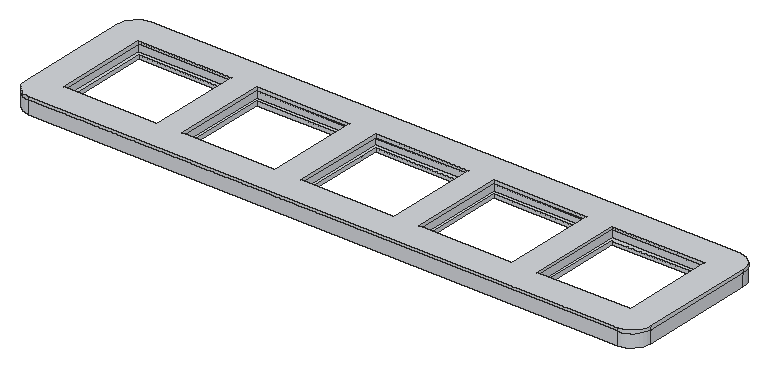
Revit family "Gira_0215410", category Electrical Fixtures, host Face, Revit 2017
Family settings
  Host = Face
  Maintain Annotation Orientation = No
  Round Connector Dimension = Use Diameter
  Part Type = Normal
  Cut with Voids When Loaded = No
  Shared = No
  Room Calculation Point = No
Parameters (values of type "Cov.fr. 5-g Gira E3 p.white/p.white")
  URL = "http://katalog.gira.de/en/datenblatt.html?artikelnr=0215410"
  Transparent = "No"
  Name = "Cov.fr. 5-g Gira E3 p.white/p.white"
  Manufacturer URL = "https://www.gira.de/"
  Manufacturer = "Gira"
  Keynote = ""
  HeinzeBIM = "https://bimportal.heinze.de/bim/cov-fr-5-g-gira-e3-p-white-p-white/ba9768ccd8b8c9f0487dce2a5d95a02c251aad0b"
  HAN = "0215410"
  GTIN = "4010337023753"
  Description = "Cov.fr.5g E3 PwPw,Gira E3 cover frame,pure white glossy with pure white glossy intermediate frame,5-gang,Features:,- Shatter-proof."
  Default Elevation = 1219.2 mm
  Data sheet (1) = "https://katalog.gira.de/en/download.html?artikelnr=0215410"
  Category = "Cover frame for domestic switching devices"
  BIM (1) = "https://media.stage.bim.site/public/gira/36a6b08/E3_Rahmen_5fach.rfa"
  Available = "No"
Reference planes
  plane 1 "Center (Front/Back)": y = 0
  plane 2: z = 0
  plane 3 "Center (Left/Right)": x = 0
Forms (mm)
  Extrusion 1, solid, detail levels fine
    sketch origin (0, 0, 0) x (1, 0, 0) y (0, 1, 0)
      loop
        arc (-177.4, 45.809) -> (-185.185, 42.585) -> (-188.409, 34.8) r 11.009
        line (-188.409, 34.8) -> (-188.409, -34.8)
        arc (-188.409, -34.8) -> (-185.185, -42.585) -> (-177.4, -45.809) r 11.009
        line (-177.4, -45.809) -> (177.4, -45.809)
        arc (177.4, -45.809) -> (185.185, -42.585) -> (188.409, -34.8) r 11.009
        line (188.409, -34.8) -> (188.409, 34.8)
        arc (188.409, 34.8) -> (185.185, 42.585) -> (177.4, 45.809) r 11.009
        line (177.4, 45.809) -> (-177.4, 45.809)
      loop
        line (-114.5, 28.187) -> (-170.756, 28.187) -> (-170.756, -28.187) -> (-114.5, -28.187) -> (-114.5, 28.187)
      loop
        line (-99.6, 28.187) -> (-99.6, -28.187) -> (-43.344, -28.187) -> (-43.344, 28.187) -> (-99.6, 28.187)
      loop
        line (114.5, 28.187) -> (114.5, -28.187) -> (170.756, -28.187) -> (170.756, 28.187) -> (114.5, 28.187)
      loop
        line (28.301, 28.187) -> (-27.955, 28.187) -> (-27.955, -28.187) -> (28.301, -28.187) -> (28.301, 28.187)
      loop
        line (43.143, 28.187) -> (43.143, -28.187) -> (99.399, -28.187) -> (99.399, 28.187) -> (43.143, 28.187)
    from 7.65 to 9.5
  Extrusion 2, solid, detail levels fine
    sketch origin (-142.8, 0, 0) x (1, 0, 0) y (0, 1, 0)
      loop
        line (26.1, 25.7) -> (-25.7, 25.7) -> (-25.7, -25.7) -> (26.1, -25.7) -> (26.1, 25.7)
      loop
        line (-28.187, -28.156) -> (28.187, -28.156) -> (28.187, 28.156) -> (-28.187, 28.156) -> (-28.187, -28.156)
    from 1.65 to 3.9
  Extrusion 3, solid, detail levels fine
    sketch origin (0, 0, 0) x (1, 0, 0) y (0, 1, 0)
      loop
        arc (-177.4, 45.809) -> (-185.185, 42.585) -> (-188.409, 34.8) r 11.009
        line (-188.409, 34.8) -> (-188.409, -34.8)
        arc (-188.409, -34.8) -> (-185.185, -42.585) -> (-177.4, -45.809) r 11.009
        line (-177.4, -45.809) -> (177.4, -45.809)
        arc (177.4, -45.809) -> (185.185, -42.585) -> (188.409, -34.8) r 11.009
        line (188.409, -34.8) -> (188.409, 34.8)
        arc (188.409, 34.8) -> (185.185, 42.585) -> (177.4, 45.809) r 11.009
        line (177.4, 45.809) -> (-177.4, 45.809)
      loop
        line (-186.443, 34.785) -> (-186.443, -34.785)
        arc (-186.443, -34.785) -> (-183.79, -41.19) -> (-177.385, -43.843) r 9.058
        line (-177.385, -43.843) -> (177.385, -43.843)
        arc (177.385, -43.843) -> (183.79, -41.19) -> (186.443, -34.785) r 9.058
        line (186.443, -34.785) -> (186.443, 34.785)
        arc (186.443, 34.785) -> (183.79, 41.19) -> (177.385, 43.843) r 9.058
        line (177.385, 43.843) -> (-177.385, 43.843)
        arc (-177.385, 43.843) -> (-183.79, 41.19) -> (-186.443, 34.785) r 9.058
    from 0 to 7.65
  Extrusion 4, solid, detail levels fine
    sketch origin (-35.75, 0, 0) x (1, 0, 0) y (0, 1, 0)
      loop
        line (-134.256, -31.075) -> (205.755, -31.075)
        arc (205.755, -31.075) -> (208.399, -29.98) -> (209.494, -27.337) r 3.739
        line (209.494, -27.337) -> (209.494, 27.337)
        arc (209.494, 27.337) -> (208.399, 29.98) -> (205.755, 31.075) r 3.739
        line (205.755, 31.075) -> (-134.256, 31.075)
        arc (-134.256, 31.075) -> (-136.899, 29.98) -> (-137.994, 27.337) r 3.739
        line (-137.994, 27.337) -> (-137.994, -27.337)
        arc (-137.994, -27.337) -> (-136.899, -29.98) -> (-134.256, -31.075) r 3.739
      loop
        line (-136.844, 27.537) -> (-136.844, -27.537)
        arc (-136.844, -27.537) -> (-136.145, -29.226) -> (-134.456, -29.925) r 2.389
        line (-134.456, -29.925) -> (205.955, -29.925)
        arc (205.955, -29.925) -> (207.644, -29.226) -> (208.344, -27.537) r 2.389
        line (208.344, -27.537) -> (208.344, 27.537)
        arc (208.344, 27.537) -> (207.644, 29.226) -> (205.955, 29.925) r 2.389
        line (205.955, 29.925) -> (-134.456, 29.925)
        arc (-134.456, 29.925) -> (-136.145, 29.226) -> (-136.844, 27.537) r 2.389
    from 1.65 to 7.65
  Extrusion 5, solid, detail levels fine
    sketch origin (0, 0, 0) x (1, 0, 0) y (0, 1, 0)
      loop
        line (-174.653, -39.8) -> (174.653, -39.8)
        arc (174.653, -39.8) -> (180.267, -36.708) -> (182.5, -30.7) r 9.2
        line (182.5, -30.7) -> (182.5, 30.7)
        arc (182.5, 30.7) -> (179.805, 37.205) -> (173.3, 39.9) r 9.2
        line (173.3, 39.9) -> (-173.3, 39.9)
        arc (-173.3, 39.9) -> (-179.805, 37.205) -> (-182.5, 30.7) r 9.2
        line (-182.5, 30.7) -> (-182.5, -30.7)
        arc (-182.5, -30.7) -> (-180.267, -36.708) -> (-174.653, -39.8) r 9.2
      loop
        line (-173.3, -31.7) -> (173.3, -31.7)
        arc (173.3, -31.7) -> (174.007, -31.407) -> (174.3, -30.7) r 1
        line (174.3, -30.7) -> (174.3, 30.7)
        arc (174.3, 30.7) -> (174.007, 31.407) -> (173.3, 31.7) r 1
        line (173.3, 31.7) -> (-173.3, 31.7)
        arc (-173.3, 31.7) -> (-174.007, 31.407) -> (-174.3, 30.7) r 1
        line (-174.3, 30.7) -> (-174.3, -30.7)
        arc (-174.3, -30.7) -> (-174.007, -31.407) -> (-173.3, -31.7) r 1
    from 1.65 to 3.9
  Extrusion 6, solid, detail levels fine
    sketch origin (-142.8, 0, 0) x (1, 0, 0) y (0, 1, 0)
      loop
        line (-28.187, 28.156) -> (-28.187, -28.156) -> (28.187, -28.156) -> (28.187, 28.156) -> (-28.187, 28.156)
      loop
        line (-29.925, 29.925) -> (-29.925, -29.925) -> (29.925, -29.925) -> (29.925, 29.925) -> (-29.925, 29.925)
    from 1.65 to 7.65
  Extrusion 7, solid, detail levels coarse+medium
    sketch origin (0, 0, 0) x (1, 0, 0) y (0, 1, 0)
      loop
        line (-188.409, 45.809) -> (-188.409, -45.809) -> (188.409, -45.809) -> (188.409, 45.809) -> (-188.409, 45.809)
    from 0 to 9.5
  Extrusion 8, solid, detail levels fine
    sketch origin (-71.3, 0, 0) x (-1, 0, 0) y (0, -1, 0)
      loop
        line (25.9, -25.7) -> (25.9, 25.7) -> (-25.9, 25.7) -> (-25.9, -25.7) -> (25.9, -25.7)
      loop
        line (-28.187, 28.156) -> (-28.187, -28.156) -> (28.187, -28.156) -> (28.187, 28.156) -> (-28.187, 28.156)
    from 1.65 to 3.9
  Extrusion 9, solid, detail levels fine
    sketch origin (-71.3, 0, 0) x (-1, 0, 0) y (0, -1, 0)
      loop
        line (-28.187, -28.156) -> (28.187, -28.156) -> (28.187, 28.156) -> (-28.187, 28.156) -> (-28.187, -28.156)
      loop
        line (-29.925, -29.925) -> (29.925, -29.925) -> (29.925, 29.925) -> (-29.925, 29.925) -> (-29.925, -29.925)
    from 1.65 to 7.65
  Extrusion 10, solid, detail levels fine
    sketch origin (0.2, 0, 0) x (-1, 0, 0) y (0, -1, 0)
      loop
        line (26.1, -25.7) -> (26.1, 25.7) -> (-25.7, 25.7) -> (-25.7, -25.7) -> (26.1, -25.7)
      loop
        line (-28.187, 28.156) -> (-28.187, -28.156) -> (28.187, -28.156) -> (28.187, 28.156) -> (-28.187, 28.156)
    from 1.65 to 3.9
  Extrusion 11, solid, detail levels fine
    sketch origin (0.2, 0, 0) x (-1, 0, 0) y (0, -1, 0)
      loop
        line (-28.187, -28.156) -> (28.187, -28.156) -> (28.187, 28.156) -> (-28.187, 28.156) -> (-28.187, -28.156)
      loop
        line (-29.925, -29.925) -> (29.925, -29.925) -> (29.925, 29.925) -> (-29.925, 29.925) -> (-29.925, -29.925)
    from 1.65 to 7.65
  Extrusion 12, solid, detail levels fine
    sketch origin (71.5, 0, 0) x (-1, 0, 0) y (0, -1, 0)
      loop
        line (26.1, -25.7) -> (26.1, 25.7) -> (-25.7, 25.7) -> (-25.7, -25.7) -> (26.1, -25.7)
      loop
        line (-28.187, 28.156) -> (-28.187, -28.156) -> (28.187, -28.156) -> (28.187, 28.156) -> (-28.187, 28.156)
    from 1.65 to 3.9
  Extrusion 13, solid, detail levels fine
    sketch origin (71.5, 0, 0) x (-1, 0, 0) y (0, -1, 0)
      loop
        line (-28.187, -28.156) -> (28.187, -28.156) -> (28.187, 28.156) -> (-28.187, 28.156) -> (-28.187, -28.156)
      loop
        line (-29.925, -29.925) -> (29.925, -29.925) -> (29.925, 29.925) -> (-29.925, 29.925) -> (-29.925, -29.925)
    from 1.65 to 7.65
  Extrusion 14, solid, detail levels fine
    sketch origin (142.8, 0, 0) x (-1, 0, 0) y (0, -1, 0)
      loop
        line (26.1, -25.7) -> (26.1, 25.7) -> (-25.7, 25.7) -> (-25.7, -25.7) -> (26.1, -25.7)
      loop
        line (-28.187, 28.156) -> (-28.187, -28.156) -> (28.187, -28.156) -> (28.187, 28.156) -> (-28.187, 28.156)
    from 1.65 to 3.9
  Extrusion 15, solid, detail levels fine
    sketch origin (142.8, 0, 0) x (-1, 0, 0) y (0, -1, 0)
      loop
        line (-28.187, -28.156) -> (28.187, -28.156) -> (28.187, 28.156) -> (-28.187, 28.156) -> (-28.187, -28.156)
      loop
        line (-29.925, -29.925) -> (29.925, -29.925) -> (29.925, 29.925) -> (-29.925, 29.925) -> (-29.925, -29.925)
    from 1.65 to 7.65
Dimensions and locks
  aligned and locked: plane 2 to host face
  aligned and locked: level to host face
